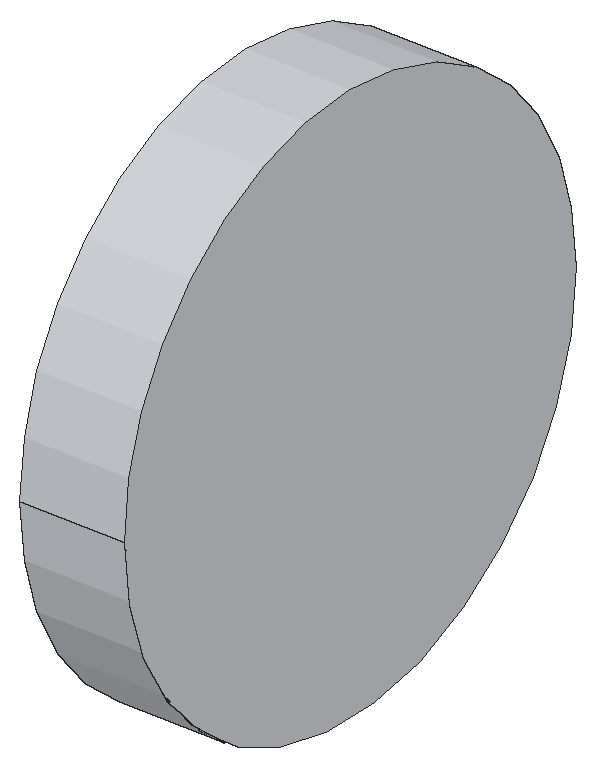
Revit family "5547f925de634510ba9c72dc56e07ce8", category Pipe Fittings, Revit 2021
Family settings
  Round Connector Dimension = Use Radius
  Part Type = Cap
  OmniClass Number = 23.60.30.11.14
  OmniClass Title = Pipework Fittings
  Seek Item ID = Flange - Blind - Steel - Class 900-0000-USA-ENU
  Work Plane-Based = No
  Always vertical = Yes
  Cut with Voids When Loaded = No
  Shared = No
Parameters (values of type "Standard")
  Tick Size [instance] = Flange Outside Diameter * 0.4  # 1.88976"
  Raised Face Thickness [instance] = 1/4"  # constant formula
  Raised Face Radius [instance] = Raised Face Diameter / 2  # 0.68701"
  Raised Face Diameter [instance] = size_lookup(Lookup Table Name, "RFD", 1.11 * Nominal Diameter + 1 47/128", Nominal Diameter)  # 1.37402"
  Nominal Radius [instance] = 1/4"
  Nominal Diameter [instance] = Nominal Radius * 2  # 1/2"
  Loss Method = Not Defined
  Lookup Table Name = "Flange - Blind - Steel - Class 900"
  Flange Thickness [instance] = size_lookup(Lookup Table Name, "FThk", 0.18 * Nominal Diameter + 127/128", Nominal Diameter)  # 0.87795"
  Flange Outside Radius [instance] = Flange Outside Diameter / 2  # 2.3622"
  Flange Outside Diameter [instance] = size_lookup(Lookup Table Name, "FOD", 1.5 * Nominal Diameter + 5 33/256", Nominal Diameter)  # 4.72441"
  Default Elevation = 0' - 0"
Reference planes (in)
  plane 1 "Center (Front/Back)": y = 0
  plane 2: z = 0
  plane 3 "Center (Left/Right)": x = 0
  plane 4: x = 0.25
  plane 5: x = 1.12795
  plane 6: y = 1.88976
  plane 7: y = -1.88976
Forms (in)
  Extrusion 1, solid, detail levels fine
    sketch origin (0, 0, 0) x (0, 1, 0) y (0, 0, 1)
      loop
        circle (0, 0) r 0.68701
    from 0 to 0.25
  Extrusion 2, solid, detail levels fine
    sketch origin (0, 0, 0) x (0, 1, 0) y (0, 0, 1)
      loop
        circle (0, 0) r 2.3622
    from 0.25 to 1.12795
Cuts and joins
  joined: Extrusion 1, Extrusion 2
Lines and regions (in)
  model lines, detail levels coarse+medium
    curve 1: line (0, 1.88976, 0) -> (0, -1.88976, 0)
Dimensions and locks (in)
  "Raised Face Thickness": plane 3 "Center (Left/Right)" to plane 4
  "Flange Thickness": plane 4 to plane 5
  equal spacing: plane 6, plane 1 "Center (Front/Back)", plane 7
  "Tick Size": plane 6 to plane 1 "Center (Front/Back)"
  "Raised Face Radius": radius of Extrusion 1 sketch curve
  "Flange Outside Radius": radius of Extrusion 2 sketch curve
  aligned and locked: plane 6 to curve 1
  aligned and locked: plane 7 to curve 1
  aligned and locked: plane 1 "Center (Front/Back)" to Extrusion 1 sketch curve
  aligned and locked: plane 2 to Extrusion 1 sketch curve
  aligned and locked: Extrusion 1 to plane 3 "Center (Left/Right)"
  aligned and locked: plane 4 to Extrusion 1
  aligned and locked: plane 1 "Center (Front/Back)" to Extrusion 2 sketch curve
  aligned and locked: plane 2 to Extrusion 2 sketch curve
  aligned and locked: Extrusion 2 to plane 4
  aligned and locked: plane 5 to Extrusion 2
Automatic sketch dimensions
  curve 1 to plane 6 = 0' - 0"
  curve 1 to plane 3 "Center (Left/Right)" = 0' - 0"
  Extrusion 2 sketch curve to level = 0' - 0"
Connectors (in)
  piping at (0, 0, 0), diameter 0.5, driven by "Nominal Radius"
    settings: on cut or joined group of Extrusion 1, Extrusion 2, index 1, connector inside diameter 1/2", connector length 0' - 0", flow factor 0, pipe flow 0 GPM, pressure drop 0.00 psi, fitting loss kfactor 0, connector angle 0.00°, fixture units 0, engagement length 0' - 0", angle of deflection 0.00°, flow configuration 0, flow direction 0, fitting loss method 0, system type 28, joint type 0, gender type 0, connector reference index -1, connector utility 0, adjustable connector no, is connector primary yes, connector description ""
